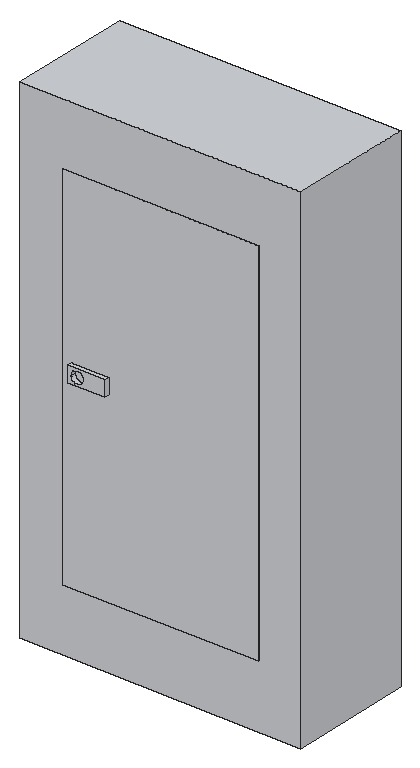
Revit family "Control Panel", category Generic Models, Revit 2021
Family settings
  Can host rebar = No
  Round Connector Dimension = Use Diameter
  Part Type = Normal
  Work Plane-Based = No
  Always vertical = Yes
  Cut with Voids When Loaded = No
  Shared = No
  Room Calculation Point = No
Parameters
  Width = 450 mm
  Type = "Control Panel"
  Model = "BCA55"
  Height = 800 mm
  Frame sides thickness = 67.949 mm
  Frame Top/Bottom Thickness = 101.35 mm
  Depth = 200 mm
  Default Elevation = 0 mm
Reference planes
  plane 1 "Center (Front/Back)": y = 0
  plane 2: z = 0
  plane 3 "Center (Left/Right)": x = 0
Forms (mm)
  Extrusion 1, solid
    sketch origin (0, 0, 0) x (1, 0, 0) y (0, 1, 0)
      loop
        line (-225, 0) -> (225, 0) -> (225, 200) -> (-225, 200) -> (-225, 0)
    from 0 to 800
  Extrusion 2, solid
    sketch origin (0, 0, 0) x (1, 0, 0) y (0, 0, 1)
      loop
        line (-157.051, 698.65) -> (-157.051, 101.35) -> (157.051, 101.35) -> (157.051, 698.65) -> (-157.051, 698.65)
    from -200 to 0
  Extrusion 3, solid
    sketch origin (0, 0, 0) x (1, 0, 0) y (0, 0, 1)
      loop
        line (-142.286, 425) -> (-142.286, 400) -> (-82.286, 400) -> (-82.286, 425) -> (-142.286, 425)
      loop
        circle (-126.969, 411.916) r 10
    from 0 to 7.643
Dimensions and locks
  "Depth": Extrusion 1 sketch curve to Extrusion 1 sketch curve
  "Width": Extrusion 1 sketch curve to Extrusion 1 sketch curve
  "Height": Extrusion 1 to Extrusion 1
  equal spacing: Extrusion 1, plane 3 "Center (Left/Right)", Extrusion 1
  "Frame sides thickness": Extrusion 2 sketch curve to Extrusion 1  (x2)
  "Frame Top/Bottom Thickness": Extrusion 1 to Extrusion 2 sketch curve
  "Frame Top/Bottom Thickness": Extrusion 2 to Extrusion 1
  equal spacing: Extrusion 2, Extrusion 3, Extrusion 2
  locked: Extrusion 2 to Extrusion 3 at 14.764
  aligned and locked: level to plane 2
  aligned and locked: Extrusion 1 to Extrusion 2
  aligned and locked: plane 1 "Center (Front/Back)" to Extrusion 2
  aligned and locked: plane 1 "Center (Front/Back)" to Extrusion 1
Automatic sketch dimensions
  Extrusion 3 sketch curve to plane 3 "Center (Left/Right)" = 142.286 mm
  Extrusion 3 sketch curve to Extrusion 3 sketch curve = 15.317 mm
  Extrusion 3 sketch curve to Extrusion 3 sketch curve = 44.683 mm
  level to Extrusion 3 sketch curve = 400 mm
  Extrusion 3 sketch curve to Extrusion 3 sketch curve = 11.916 mm
  Extrusion 3 sketch curve to Extrusion 3 sketch curve = 25 mm
  plane 1 "Center (Front/Back)" to Extrusion 1 sketch curve = 0 mm
  Extrusion 1 sketch curve to plane 3 "Center (Left/Right)" = 225 mm
  level to Extrusion 2 sketch curve = 101.35 mm
  radius of Extrusion 3 sketch curve = 10 mm
